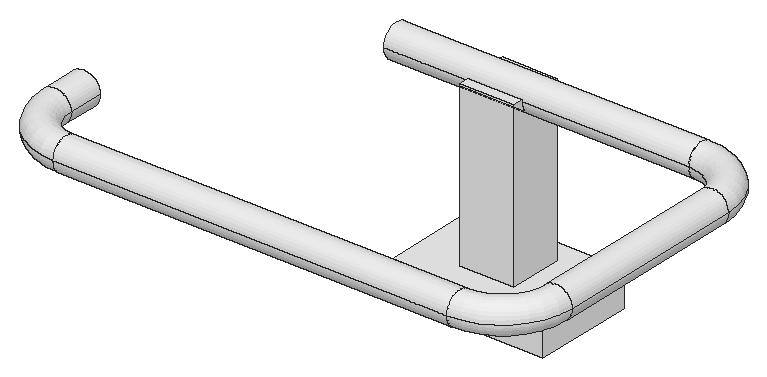
Revit family "Paper_Holder-Grohe- 40507001", category Specialty Equipment, host Face, Revit 2018
Family settings
  Host = Face
  Round Connector Dimension = Use Diameter
  Part Type = Normal
  OmniClass Number = 23.40.20.21.27
  OmniClass Title = Towel Bars
  Cut with Voids When Loaded = No
  Shared = Yes
  Room Calculation Point = No
Parameters (values of type "40507001")
  Width = 5 1/2"
  Warranty Information = "Limited Lifetime Warranty"  # constant formula
  URL = "https://www.grohe.us/"
  Type Comments = ""
  Region = "North America"  # constant formula
  Product Page URL = "https://www.grohe.us/Toilet-Paper-Holders/Paper-Holder/GROHE-CHROME-40507001"
  Product Documentation Link = "https://americanstandard.box.com/shared/static/7in068z9uly4c5pnb0cpb410x60sac1o.pdf"
  Price = "Prices may vary. Please consult Manufacturer Representative for most up-to-date price list."  # constant formula
  Model = "40507001"
  Material = "Metal-Grohe-001-Starlight Chrome"
  Manufacturer = "Grohe"  # constant formula
  Length = 2 3/16"
  Installation Type = "Wall Mounted"  # constant formula
  Height = 3 7/8"
  Description = "ESSENTIALS CUBE Toilet Paper Holder"  # constant formula
  Default Elevation = 0"
  Creation Date = "06/04/2021"  # constant formula
  Body Material = Metal-Grohe-001-Starlight Chrome
  Assembly Code = "D2010710"
Reference planes (in)
  plane 1 "Center (Front/Back)": y = 0
  plane 2: z = 0
  plane 3 "Center (Left/Right)": x = 0
  plane 4: x = 0.82677
  plane 5: x = -0.82677
  plane 6: y = -0.55118
  plane 7: y = 0.55118
  plane 8: y = -3.32382
  plane 9: z = 0.3937
  plane 10: z = 2.1875
  plane 11: x = 2.71654
  plane 12: x = -2.78346
Forms (in)
  Extrusion 1, solid, material "Metal-Grohe-001-Starlight Chrome" <- "Body Material"
    sketch origin (0, 0, 0) x (1, 0, 0) y (0, 1, 0)
      loop
        line (-0.82677, 0.55118) -> (-0.82677, -0.55118) -> (0.82677, -0.55118) -> (0.82677, 0.55118) -> (-0.82677, 0.55118)
    from 0 to 0.3937
  Extrusion 2, solid, material "Metal-Grohe-001-Starlight Chrome" <- "Body Material"
    sketch origin (-0.02726, 53.45114, 0) x (1, 0, 0) y (0, 1, 0)
      loop
        line (-0.26804, -53.15586) -> (-0.26804, -53.74641) -> (0.32251, -53.74641) -> (0.32251, -53.15586) -> (-0.26804, -53.15586)
    from 0.3937 to 2.1875
  Sweep 3, solid, material "Metal-Grohe-001-Starlight Chrome" <- "Body Material"
    path origin (0, 0, 0) x (1, 0, 0) y (0, 1, 0)
      loop
        line (-1.22047, 0) -> (2.12598, 0)
        arc (2.12598, 0) -> (2.54357, -0.17297) -> (2.71654, -0.59055) r 0.59055
        line (2.71654, -0.59055) -> (2.71654, -2.73327)
        arc (2.71654, -2.73327) -> (2.54357, -3.15085) -> (2.12598, -3.32382) r 0.59055
        line (2.12598, -3.32382) -> (-2.19291, -3.32382)
        arc (-2.19291, -3.32382) -> (-2.6105, -3.15085) -> (-2.78346, -2.73327) r 0.59055
        line (-2.78346, -2.73327) -> (-2.78346, -2.33957)
    profile origin (0.45276, 0, 0) x (0, 1, 0) y (0, 0, 1)
      loop
        circle (0, 2.16535) r 0.17717
Lines and regions (in)
  Masking region 1
    outline origin (0, 0, 0) x (1, 0, 0) y (0, 0, 1)
      loop
        line (0.82677, 0) -> (0.82677, 0.3937) -> (0.29529, 0.3937) -> (0.29529, 2.01068) -> (2.71654, 2.01068)
        arc (2.71654, 2.01068) -> (2.89336, 2.1875) -> (2.71654, 2.36432) r 0.17682
        line (2.71654, 2.36432) -> (-2.7945, 2.36432)
        arc (-2.7945, 2.36432) -> (-2.91258, 2.30881) -> (-2.96063, 2.1875) r 0.17717
        arc (-2.96063, 2.1875) -> (-2.91258, 2.06619) -> (-2.7945, 2.01068) r 0.17717
        line (-2.7945, 2.01068) -> (-0.29529, 2.01068) -> (-0.29529, 0.3937) -> (-0.82677, 0.3937) -> (-0.82677, 0) -> (0.82677, 0)
  symbolic lines, detail levels medium+fine
    curve 1: line (0.29529, 0, 2.01068) -> (0.29529, 0, 2.1875)
    curve 2: line (0.29529, 0, 2.1875) -> (-0.29529, 0, 2.1875)
    curve 3: line (-0.29529, 0, 2.1875) -> (-0.29529, 0, 2.01068)
    curve 4: line (0.29526, 0, 0.3937) -> (-0.29529, 0, 0.3937)
Dimensions and locks (in)
  "Height": plane 8 to plane 7
  "Width": plane 12 to plane 11
  "Length": plane 10 to host face
  aligned and locked: plane 2 to host face
  aligned and locked: level to host face
  aligned and locked: plane 7 to Extrusion 1 sketch curve
  aligned and locked: plane 5 to Extrusion 1 sketch curve
  aligned and locked: Extrusion 1 sketch curve to plane 6
  aligned and locked: Extrusion 1 sketch curve to plane 4
  aligned and locked: plane 10 to Extrusion 2
  aligned and locked: Extrusion 1 to level
  aligned and locked: plane 9 to Extrusion 1
  aligned and locked: Extrusion 2 to Extrusion 1
Automatic sketch dimensions
  host sketch curve to host sketch curve = 96"  (x2)
  Extrusion 2 sketch curve to plane 3 "Center (Left/Right)" = 0.29529"
  plane 3 "Center (Left/Right)" to Extrusion 2 sketch curve = 0.29526"
  Extrusion 2 sketch curve to plane 6 = 0.25591"
  plane 7 to Extrusion 2 sketch curve = 0.25591"
  Sweep 3 sketch curve to plane 12 = 0"
  plane 8 to Sweep 3 sketch curve = 0"
  plane 1 "Center (Front/Back)" to Sweep 3 sketch curve = 0"
  Sweep 3 sketch curve to plane 11 = 0"
  Sweep 3 sketch curve to Sweep 3 sketch curve = 0.59055"
  Sweep 3 sketch curve to plane 11 = 0.59055"  (x2)
  Sweep 3 sketch curve to plane 5 = 0.3937"
  Sweep 3 sketch curve to Sweep 3 sketch curve = 0.3937"
  Sweep 3 sketch curve to profile plane = 0"
  level to Sweep 3 sketch curve = 2.16535"
  Masking region 1 sketch curve to Masking region 1 sketch curve = 0"
  Masking region 1 sketch curve to plane 10 = 0"  (x2)
  Masking region 1 sketch curve to plane 12 = 0"
  Masking region 1 sketch curve to level = 0"
  Masking region 1 sketch curve to plane 5 = 0"
  Masking region 1 sketch curve to plane 9 = 0"  (x2)
  Masking region 1 sketch curve to plane 4 = 0"
  Masking region 1 sketch curve to plane 11 = 0"
  Masking region 1 sketch curve to plane 12 = 0.01104"  (x2)
  Masking region 1 sketch curve to plane 3 "Center (Left/Right)" = 0.29529"
  plane 3 "Center (Left/Right)" to Masking region 1 sketch curve = 0.29529"
  Masking region 1 sketch curve to plane 10 = 0.17682"
  plane 11 to Masking region 1 sketch curve = 0"
  curve 3 to plane 10 = 0"
  curve 4 to plane 9 = 0"
  curve 3 to plane 3 "Center (Left/Right)" = 0.29529"
  plane 3 "Center (Left/Right)" to curve 2 = 0.29529"
  curve 4 to plane 3 "Center (Left/Right)" = 0.29529"
  plane 3 "Center (Left/Right)" to curve 4 = 0.29526"
  curve 3 to curve 2 = 0.17682"
  curve 1 to curve 1 = 0.17682"
  radius of Sweep 3 sketch curve = 0.17717"
